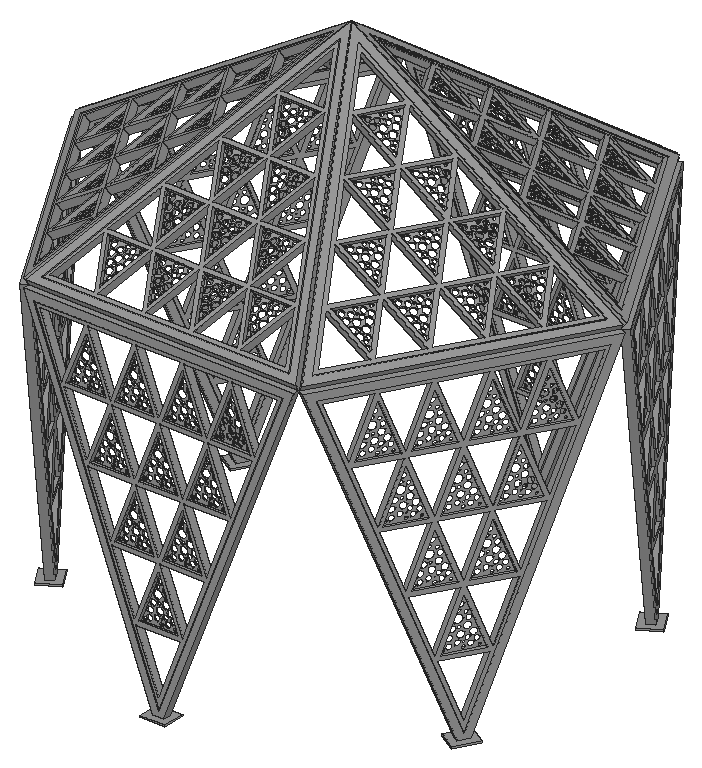
Revit family "Беседка «Трекант» Арт 19429", category Антураж, Revit 2018 (continued)
Definition of nested family "Беседка «Трекант» Арт 19429 крыша"
  Automatic sketch dimensions
    Extrusion 20 sketch curve to Extrusion 20 sketch curve = 22.797 mm  (x3)
    Extrusion 20 sketch curve to Extrusion 20 sketch curve = 270.249 mm  (x10)
    Extrusion 20 sketch curve to Extrusion 20 sketch curve = 15.964 mm  (x6)
    Extrusion 20 sketch curve to Extrusion 20 sketch curve = 27.363 mm  (x3)
    Extrusion 20 sketch curve to Extrusion 20 sketch curve = 22.91 mm  (x7)
    Extrusion 20 sketch curve to Extrusion 20 sketch curve = 27.419 mm  (x6)
    Extrusion 20 sketch curve to Extrusion 20 sketch curve = 151.202 mm
    Extrusion 20 sketch curve to Extrusion 20 sketch curve = 16.077 mm  (x4)
    Extrusion 20 sketch curve to Extrusion 20 sketch curve = 302.177 mm
    Extrusion 16 to Extrusion 20 sketch curve = 116.624 mm
    Extrusion 21 sketch curve to Extrusion 20 = 0 mm  (x4)
    Extrusion 20 to Extrusion 21 sketch curve = 0 mm
    Extrusion 21 sketch curve to Extrusion 21 sketch curve = 44.032 mm
    Extrusion 21 sketch curve to Extrusion 21 sketch curve = 35.379 mm
    Extrusion 21 sketch curve to Extrusion 21 sketch curve = 24.634 mm
    Extrusion 21 sketch curve to Extrusion 21 sketch curve = 34.912 mm
    Extrusion 21 sketch curve to Extrusion 21 sketch curve = 46.832 mm
    Extrusion 21 sketch curve to Extrusion 21 sketch curve = 4.368 mm
    Extrusion 21 sketch curve to Extrusion 21 sketch curve = 6.429 mm
    Extrusion 21 sketch curve to Extrusion 21 sketch curve = 42.916 mm
    Extrusion 21 sketch curve to Extrusion 21 sketch curve = 44.093 mm
    Extrusion 21 sketch curve to Extrusion 21 sketch curve = 53.882 mm
    Extrusion 21 sketch curve to Extrusion 21 sketch curve = 30.603 mm
    Extrusion 21 sketch curve to Extrusion 21 sketch curve = 42.956 mm
    Extrusion 21 sketch curve to Extrusion 21 sketch curve = 22.422 mm
    Extrusion 21 sketch curve to Extrusion 21 sketch curve = 0.638 mm
    Extrusion 20 to Extrusion 21 sketch curve = 33.762 mm
    Extrusion 20 to Extrusion 21 sketch curve = 32.899 mm
    Extrusion 20 to Extrusion 21 sketch curve = 17.608 mm
    Extrusion 20 to Extrusion 21 sketch curve = 16.371 mm
    Extrusion 20 to Extrusion 21 sketch curve = 14.4 mm
    Extrusion 21 sketch curve to Extrusion 21 sketch curve = 38.707 mm
    Extrusion 21 sketch curve to Extrusion 21 sketch curve = 14.155 mm
    Extrusion 21 sketch curve to Extrusion 21 sketch curve = 22.756 mm
    Extrusion 21 sketch curve to Extrusion 21 sketch curve = 35.947 mm
    Extrusion 21 sketch curve to Extrusion 21 sketch curve = 31.116 mm
    Extrusion 21 sketch curve to Extrusion 21 sketch curve = 18.342 mm
    Extrusion 21 sketch curve to Extrusion 21 sketch curve = 0.445 mm
    Extrusion 21 sketch curve to Extrusion 21 sketch curve = 21.489 mm
    Extrusion 21 sketch curve to Extrusion 21 sketch curve = 22.071 mm
    Extrusion 21 sketch curve to Extrusion 21 sketch curve = 1.495 mm
    Extrusion 21 sketch curve to Extrusion 21 sketch curve = 6.274 mm
    Extrusion 21 sketch curve to Extrusion 21 sketch curve = 39.24 mm
    Extrusion 21 sketch curve to Extrusion 21 sketch curve = 0.748 mm
    Extrusion 21 sketch curve to Extrusion 21 sketch curve = 9.583 mm
    Extrusion 21 sketch curve to Extrusion 21 sketch curve = 35.697 mm
    Extrusion 21 sketch curve to Extrusion 21 sketch curve = 35.938 mm
    Extrusion 21 sketch curve to Extrusion 21 sketch curve = 37.503 mm
    Extrusion 21 sketch curve to Extrusion 21 sketch curve = 12.456 mm
    Extrusion 21 sketch curve to Extrusion 21 sketch curve = 24.993 mm
    Extrusion 20 to Extrusion 22 sketch curve = 0 mm
    Extrusion 20 to Extrusion 22 sketch curve = 14.4 mm
    Extrusion 20 to Extrusion 22 sketch curve = 16.371 mm
    Extrusion 20 to Extrusion 22 sketch curve = 17.608 mm
    Extrusion 20 to Extrusion 22 sketch curve = 32.899 mm
    Extrusion 20 to Extrusion 22 sketch curve = 33.762 mm
    Extrusion 22 sketch curve to Extrusion 22 sketch curve = 31.299 mm
    Extrusion 22 sketch curve to Extrusion 22 sketch curve = 31.936 mm
    Extrusion 22 sketch curve to Extrusion 22 sketch curve = 25.851 mm
    Extrusion 22 sketch curve to Extrusion 22 sketch curve = 22.422 mm
    Extrusion 22 sketch curve to Extrusion 22 sketch curve = 31.9 mm
    Extrusion 22 sketch curve to Extrusion 22 sketch curve = 25.059 mm
    Extrusion 22 sketch curve to Extrusion 22 sketch curve = 30.603 mm
    Extrusion 22 sketch curve to Extrusion 22 sketch curve = 37.664 mm
    Extrusion 22 sketch curve to Extrusion 22 sketch curve = 6.429 mm
    Extrusion 22 sketch curve to Extrusion 22 sketch curve = 4.368 mm
    Extrusion 22 sketch curve to Extrusion 22 sketch curve = 40.922 mm
    Extrusion 22 sketch curve to Extrusion 22 sketch curve = 46.832 mm
    Extrusion 22 sketch curve to Extrusion 22 sketch curve = 24.634 mm
    Extrusion 22 sketch curve to Extrusion 22 sketch curve = 35.379 mm
    Extrusion 20 to Extrusion 22 sketch curve = 35.138 mm
    Extrusion 20 to Extrusion 22 sketch curve = 0.052 mm
    Extrusion 22 sketch curve to Extrusion 22 sketch curve = 38.707 mm
    Extrusion 22 sketch curve to Extrusion 22 sketch curve = 14.155 mm
    Extrusion 22 sketch curve to Extrusion 22 sketch curve = 22.756 mm
    Extrusion 22 sketch curve to Extrusion 22 sketch curve = 35.947 mm
    Extrusion 22 sketch curve to Extrusion 22 sketch curve = 31.116 mm
    Extrusion 22 sketch curve to Extrusion 22 sketch curve = 18.342 mm
    Extrusion 22 sketch curve to Extrusion 22 sketch curve = 0.445 mm
    Extrusion 22 sketch curve to Extrusion 22 sketch curve = 21.489 mm
    Extrusion 22 sketch curve to Extrusion 22 sketch curve = 22.071 mm
    Extrusion 22 sketch curve to Extrusion 22 sketch curve = 1.495 mm
    Extrusion 22 sketch curve to Extrusion 22 sketch curve = 5.876 mm
    Extrusion 22 sketch curve to Extrusion 22 sketch curve = 6.274 mm
    Extrusion 22 sketch curve to Extrusion 22 sketch curve = 39.24 mm
    Extrusion 22 sketch curve to Extrusion 22 sketch curve = 0.748 mm
    Extrusion 22 sketch curve to Extrusion 22 sketch curve = 9.583 mm
    Extrusion 22 sketch curve to Extrusion 22 sketch curve = 35.697 mm
    Extrusion 22 sketch curve to Extrusion 22 sketch curve = 35.938 mm
    Extrusion 22 sketch curve to Extrusion 22 sketch curve = 37.503 mm
    Extrusion 22 sketch curve to Extrusion 22 sketch curve = 12.456 mm
    Extrusion 22 sketch curve to Extrusion 22 sketch curve = 30.963 mm
    Extrusion 22 sketch curve to Extrusion 22 sketch curve = 24.993 mm
    Extrusion 20 to Extrusion 23 sketch curve = 0 mm
    Extrusion 20 to Extrusion 23 sketch curve = 14.4 mm
    Extrusion 20 to Extrusion 23 sketch curve = 16.371 mm
    Extrusion 20 to Extrusion 23 sketch curve = 17.608 mm
    Extrusion 20 to Extrusion 23 sketch curve = 32.899 mm
    Extrusion 20 to Extrusion 23 sketch curve = 33.762 mm
    Extrusion 23 sketch curve to Extrusion 23 sketch curve = 31.299 mm
    Extrusion 23 sketch curve to Extrusion 23 sketch curve = 31.936 mm
    Extrusion 23 sketch curve to Extrusion 23 sketch curve = 25.851 mm
    Extrusion 23 sketch curve to Extrusion 23 sketch curve = 22.422 mm
    Extrusion 23 sketch curve to Extrusion 23 sketch curve = 31.9 mm
    Extrusion 23 sketch curve to Extrusion 23 sketch curve = 25.059 mm
    Extrusion 23 sketch curve to Extrusion 23 sketch curve = 30.603 mm
    Extrusion 23 sketch curve to Extrusion 23 sketch curve = 37.664 mm
    Extrusion 23 sketch curve to Extrusion 23 sketch curve = 6.429 mm
    Extrusion 23 sketch curve to Extrusion 23 sketch curve = 4.368 mm
    Extrusion 23 sketch curve to Extrusion 23 sketch curve = 40.922 mm
    Extrusion 23 sketch curve to Extrusion 23 sketch curve = 46.832 mm
    Extrusion 23 sketch curve to Extrusion 23 sketch curve = 24.634 mm
    Extrusion 23 sketch curve to Extrusion 23 sketch curve = 35.379 mm
    Extrusion 20 to Extrusion 23 sketch curve = 35.138 mm
    Extrusion 23 sketch curve to Extrusion 20 = 0.052 mm
    Extrusion 23 sketch curve to Extrusion 23 sketch curve = 38.707 mm
    Extrusion 23 sketch curve to Extrusion 23 sketch curve = 14.155 mm
    Extrusion 23 sketch curve to Extrusion 23 sketch curve = 22.756 mm
    Extrusion 23 sketch curve to Extrusion 23 sketch curve = 35.947 mm
    Extrusion 23 sketch curve to Extrusion 23 sketch curve = 31.116 mm
    Extrusion 23 sketch curve to Extrusion 23 sketch curve = 18.342 mm
    Extrusion 23 sketch curve to Extrusion 23 sketch curve = 0.445 mm
    Extrusion 23 sketch curve to Extrusion 23 sketch curve = 21.489 mm
    Extrusion 23 sketch curve to Extrusion 23 sketch curve = 22.071 mm
    Extrusion 23 sketch curve to Extrusion 23 sketch curve = 1.495 mm
    Extrusion 23 sketch curve to Extrusion 23 sketch curve = 5.876 mm
    Extrusion 23 sketch curve to Extrusion 23 sketch curve = 6.274 mm
    Extrusion 23 sketch curve to Extrusion 23 sketch curve = 39.24 mm
    Extrusion 23 sketch curve to Extrusion 23 sketch curve = 0.748 mm
    Extrusion 23 sketch curve to Extrusion 23 sketch curve = 9.583 mm
    Extrusion 23 sketch curve to Extrusion 23 sketch curve = 35.697 mm
    Extrusion 23 sketch curve to Extrusion 23 sketch curve = 35.938 mm
    Extrusion 23 sketch curve to Extrusion 23 sketch curve = 37.503 mm
    Extrusion 23 sketch curve to Extrusion 23 sketch curve = 12.456 mm
    Extrusion 23 sketch curve to Extrusion 23 sketch curve = 30.963 mm
    Extrusion 23 sketch curve to Extrusion 23 sketch curve = 24.993 mm
    Extrusion 20 to Extrusion 24 sketch curve = 0 mm
    Extrusion 20 to Extrusion 24 sketch curve = 14.4 mm
    Extrusion 20 to Extrusion 24 sketch curve = 16.371 mm
    Extrusion 20 to Extrusion 24 sketch curve = 17.608 mm
    Extrusion 20 to Extrusion 24 sketch curve = 32.899 mm
    Extrusion 20 to Extrusion 24 sketch curve = 33.762 mm
    Extrusion 24 sketch curve to Extrusion 24 sketch curve = 31.299 mm
    Extrusion 24 sketch curve to Extrusion 24 sketch curve = 31.936 mm
    Extrusion 24 sketch curve to Extrusion 24 sketch curve = 25.851 mm
    Extrusion 24 sketch curve to Extrusion 24 sketch curve = 22.422 mm
    Extrusion 24 sketch curve to Extrusion 24 sketch curve = 31.9 mm
    Extrusion 24 sketch curve to Extrusion 24 sketch curve = 25.059 mm
    Extrusion 24 sketch curve to Extrusion 24 sketch curve = 30.603 mm
    Extrusion 24 sketch curve to Extrusion 24 sketch curve = 37.664 mm
    Extrusion 24 sketch curve to Extrusion 24 sketch curve = 6.429 mm
    Extrusion 24 sketch curve to Extrusion 24 sketch curve = 4.368 mm
    Extrusion 24 sketch curve to Extrusion 24 sketch curve = 40.922 mm
    Extrusion 24 sketch curve to Extrusion 24 sketch curve = 46.832 mm
    Extrusion 24 sketch curve to Extrusion 24 sketch curve = 24.634 mm
    Extrusion 24 sketch curve to Extrusion 24 sketch curve = 35.379 mm
    Extrusion 20 to Extrusion 24 sketch curve = 35.138 mm
    Extrusion 20 to Extrusion 24 sketch curve = 0.052 mm
    Extrusion 24 sketch curve to Extrusion 24 sketch curve = 38.707 mm
    Extrusion 24 sketch curve to Extrusion 24 sketch curve = 14.155 mm
    Extrusion 24 sketch curve to Extrusion 24 sketch curve = 22.756 mm
    Extrusion 24 sketch curve to Extrusion 24 sketch curve = 35.947 mm
    Extrusion 24 sketch curve to Extrusion 24 sketch curve = 31.116 mm
    Extrusion 24 sketch curve to Extrusion 24 sketch curve = 18.342 mm
    Extrusion 24 sketch curve to Extrusion 24 sketch curve = 0.445 mm
    Extrusion 24 sketch curve to Extrusion 24 sketch curve = 21.489 mm
    Extrusion 24 sketch curve to Extrusion 24 sketch curve = 22.071 mm
    Extrusion 24 sketch curve to Extrusion 24 sketch curve = 1.495 mm
    Extrusion 24 sketch curve to Extrusion 24 sketch curve = 5.876 mm
    Extrusion 24 sketch curve to Extrusion 24 sketch curve = 6.274 mm
    Extrusion 24 sketch curve to Extrusion 24 sketch curve = 39.24 mm
    Extrusion 24 sketch curve to Extrusion 24 sketch curve = 0.748 mm
    Extrusion 24 sketch curve to Extrusion 24 sketch curve = 9.583 mm
    Extrusion 24 sketch curve to Extrusion 24 sketch curve = 35.697 mm
    Extrusion 24 sketch curve to Extrusion 24 sketch curve = 35.938 mm
    Extrusion 24 sketch curve to Extrusion 24 sketch curve = 37.503 mm
    Extrusion 24 sketch curve to Extrusion 24 sketch curve = 12.456 mm
    Extrusion 24 sketch curve to Extrusion 24 sketch curve = 30.963 mm
    Extrusion 24 sketch curve to Extrusion 24 sketch curve = 24.993 mm
    Extrusion 20 to Extrusion 25 sketch curve = 0 mm
    Extrusion 20 to Extrusion 25 sketch curve = 14.4 mm
    Extrusion 20 to Extrusion 25 sketch curve = 16.371 mm
    Extrusion 20 to Extrusion 25 sketch curve = 17.608 mm
    Extrusion 20 to Extrusion 25 sketch curve = 32.899 mm
    Extrusion 20 to Extrusion 25 sketch curve = 33.762 mm
    Extrusion 25 sketch curve to Extrusion 25 sketch curve = 31.299 mm
    Extrusion 25 sketch curve to Extrusion 25 sketch curve = 31.936 mm
    Extrusion 25 sketch curve to Extrusion 25 sketch curve = 25.851 mm
    Extrusion 25 sketch curve to Extrusion 25 sketch curve = 22.422 mm
    Extrusion 25 sketch curve to Extrusion 25 sketch curve = 31.9 mm
    Extrusion 25 sketch curve to Extrusion 25 sketch curve = 25.059 mm
    Extrusion 25 sketch curve to Extrusion 25 sketch curve = 30.603 mm
    Extrusion 25 sketch curve to Extrusion 25 sketch curve = 37.664 mm
    Extrusion 25 sketch curve to Extrusion 25 sketch curve = 6.429 mm
    Extrusion 25 sketch curve to Extrusion 25 sketch curve = 4.368 mm
    Extrusion 25 sketch curve to Extrusion 25 sketch curve = 40.922 mm
    Extrusion 25 sketch curve to Extrusion 25 sketch curve = 46.832 mm
    Extrusion 25 sketch curve to Extrusion 25 sketch curve = 24.634 mm
    Extrusion 25 sketch curve to Extrusion 25 sketch curve = 35.379 mm
    Extrusion 20 to Extrusion 25 sketch curve = 35.138 mm
    Extrusion 25 sketch curve to Extrusion 20 = 0.052 mm
    Extrusion 25 sketch curve to Extrusion 25 sketch curve = 38.707 mm
    Extrusion 25 sketch curve to Extrusion 25 sketch curve = 14.155 mm
    Extrusion 25 sketch curve to Extrusion 25 sketch curve = 22.756 mm
    Extrusion 25 sketch curve to Extrusion 25 sketch curve = 35.947 mm
    Extrusion 25 sketch curve to Extrusion 25 sketch curve = 31.116 mm
    Extrusion 25 sketch curve to Extrusion 25 sketch curve = 18.342 mm
    Extrusion 25 sketch curve to Extrusion 25 sketch curve = 0.445 mm
    Extrusion 25 sketch curve to Extrusion 25 sketch curve = 21.489 mm
    Extrusion 25 sketch curve to Extrusion 25 sketch curve = 22.071 mm
    Extrusion 25 sketch curve to Extrusion 25 sketch curve = 1.495 mm
    Extrusion 25 sketch curve to Extrusion 25 sketch curve = 5.876 mm
    Extrusion 25 sketch curve to Extrusion 25 sketch curve = 6.274 mm
    Extrusion 25 sketch curve to Extrusion 25 sketch curve = 39.24 mm
    Extrusion 25 sketch curve to Extrusion 25 sketch curve = 0.748 mm
    Extrusion 25 sketch curve to Extrusion 25 sketch curve = 9.583 mm
    Extrusion 25 sketch curve to Extrusion 25 sketch curve = 35.697 mm
    Extrusion 25 sketch curve to Extrusion 25 sketch curve = 35.938 mm
    Extrusion 25 sketch curve to Extrusion 25 sketch curve = 37.503 mm
    Extrusion 25 sketch curve to Extrusion 25 sketch curve = 12.456 mm
    Extrusion 25 sketch curve to Extrusion 25 sketch curve = 30.963 mm
    Extrusion 25 sketch curve to Extrusion 25 sketch curve = 24.993 mm
    Extrusion 20 to Extrusion 26 sketch curve = 0 mm
    Extrusion 20 to Extrusion 26 sketch curve = 14.4 mm
    Extrusion 20 to Extrusion 26 sketch curve = 16.371 mm
    Extrusion 20 to Extrusion 26 sketch curve = 17.608 mm
    Extrusion 20 to Extrusion 26 sketch curve = 32.899 mm
    Extrusion 20 to Extrusion 26 sketch curve = 33.762 mm
    Extrusion 26 sketch curve to Extrusion 26 sketch curve = 31.299 mm
    Extrusion 26 sketch curve to Extrusion 26 sketch curve = 31.936 mm
    Extrusion 26 sketch curve to Extrusion 26 sketch curve = 25.851 mm
    Extrusion 26 sketch curve to Extrusion 26 sketch curve = 22.422 mm
    Extrusion 26 sketch curve to Extrusion 26 sketch curve = 31.9 mm
    Extrusion 26 sketch curve to Extrusion 26 sketch curve = 25.059 mm
    Extrusion 26 sketch curve to Extrusion 26 sketch curve = 30.603 mm
    Extrusion 26 sketch curve to Extrusion 26 sketch curve = 37.664 mm
    Extrusion 26 sketch curve to Extrusion 26 sketch curve = 6.429 mm
    Extrusion 26 sketch curve to Extrusion 26 sketch curve = 4.368 mm
    Extrusion 26 sketch curve to Extrusion 26 sketch curve = 40.922 mm
    Extrusion 26 sketch curve to Extrusion 26 sketch curve = 46.832 mm
    Extrusion 26 sketch curve to Extrusion 26 sketch curve = 24.634 mm
    Extrusion 26 sketch curve to Extrusion 26 sketch curve = 35.379 mm
    Extrusion 20 to Extrusion 26 sketch curve = 35.138 mm
    Extrusion 20 to Extrusion 26 sketch curve = 0.052 mm
    Extrusion 26 sketch curve to Extrusion 26 sketch curve = 38.707 mm
    Extrusion 26 sketch curve to Extrusion 26 sketch curve = 14.155 mm
    Extrusion 26 sketch curve to Extrusion 26 sketch curve = 22.756 mm
    Extrusion 26 sketch curve to Extrusion 26 sketch curve = 35.947 mm
    Extrusion 26 sketch curve to Extrusion 26 sketch curve = 31.116 mm
    Extrusion 26 sketch curve to Extrusion 26 sketch curve = 18.342 mm
    Extrusion 26 sketch curve to Extrusion 26 sketch curve = 0.445 mm
    Extrusion 26 sketch curve to Extrusion 26 sketch curve = 21.489 mm
    Extrusion 26 sketch curve to Extrusion 26 sketch curve = 22.071 mm
    Extrusion 26 sketch curve to Extrusion 26 sketch curve = 1.495 mm
    Extrusion 26 sketch curve to Extrusion 26 sketch curve = 5.876 mm
    Extrusion 26 sketch curve to Extrusion 26 sketch curve = 6.274 mm
    Extrusion 26 sketch curve to Extrusion 26 sketch curve = 39.24 mm
    Extrusion 26 sketch curve to Extrusion 26 sketch curve = 0.748 mm
    Extrusion 26 sketch curve to Extrusion 26 sketch curve = 9.583 mm
    Extrusion 26 sketch curve to Extrusion 26 sketch curve = 35.697 mm
    Extrusion 26 sketch curve to Extrusion 26 sketch curve = 35.938 mm
    Extrusion 26 sketch curve to Extrusion 26 sketch curve = 37.503 mm
    Extrusion 26 sketch curve to Extrusion 26 sketch curve = 12.456 mm
    Extrusion 26 sketch curve to Extrusion 26 sketch curve = 30.963 mm
    Extrusion 26 sketch curve to Extrusion 26 sketch curve = 24.993 mm
    Extrusion 20 to Extrusion 27 sketch curve = 0 mm
    Extrusion 20 to Extrusion 27 sketch curve = 14.4 mm
    Extrusion 20 to Extrusion 27 sketch curve = 16.371 mm
    Extrusion 20 to Extrusion 27 sketch curve = 17.608 mm
    Extrusion 20 to Extrusion 27 sketch curve = 32.899 mm
    Extrusion 20 to Extrusion 27 sketch curve = 33.762 mm
    Extrusion 27 sketch curve to Extrusion 27 sketch curve = 31.299 mm
    Extrusion 27 sketch curve to Extrusion 27 sketch curve = 31.936 mm
    Extrusion 27 sketch curve to Extrusion 27 sketch curve = 25.851 mm
    Extrusion 27 sketch curve to Extrusion 27 sketch curve = 22.422 mm
    Extrusion 27 sketch curve to Extrusion 27 sketch curve = 31.9 mm
    Extrusion 27 sketch curve to Extrusion 27 sketch curve = 25.059 mm
    Extrusion 27 sketch curve to Extrusion 27 sketch curve = 30.603 mm
    Extrusion 27 sketch curve to Extrusion 27 sketch curve = 37.664 mm
    Extrusion 27 sketch curve to Extrusion 27 sketch curve = 6.429 mm
    Extrusion 27 sketch curve to Extrusion 27 sketch curve = 4.368 mm
    Extrusion 27 sketch curve to Extrusion 27 sketch curve = 40.922 mm
    Extrusion 27 sketch curve to Extrusion 27 sketch curve = 46.832 mm
    Extrusion 27 sketch curve to Extrusion 27 sketch curve = 24.634 mm
    Extrusion 27 sketch curve to Extrusion 27 sketch curve = 35.379 mm
    Extrusion 20 to Extrusion 27 sketch curve = 35.138 mm
    Extrusion 27 sketch curve to Extrusion 20 = 0.052 mm
    Extrusion 27 sketch curve to Extrusion 27 sketch curve = 38.707 mm
    Extrusion 27 sketch curve to Extrusion 27 sketch curve = 14.155 mm
    Extrusion 27 sketch curve to Extrusion 27 sketch curve = 22.756 mm
    Extrusion 27 sketch curve to Extrusion 27 sketch curve = 35.947 mm
    Extrusion 27 sketch curve to Extrusion 27 sketch curve = 31.116 mm
    Extrusion 27 sketch curve to Extrusion 27 sketch curve = 18.342 mm
    Extrusion 27 sketch curve to Extrusion 27 sketch curve = 0.445 mm
    Extrusion 27 sketch curve to Extrusion 27 sketch curve = 21.489 mm
    Extrusion 27 sketch curve to Extrusion 27 sketch curve = 22.071 mm
    Extrusion 27 sketch curve to Extrusion 27 sketch curve = 1.495 mm
    Extrusion 27 sketch curve to Extrusion 27 sketch curve = 5.876 mm
    Extrusion 27 sketch curve to Extrusion 27 sketch curve = 6.274 mm
    Extrusion 27 sketch curve to Extrusion 27 sketch curve = 39.24 mm
    Extrusion 27 sketch curve to Extrusion 27 sketch curve = 0.748 mm
    Extrusion 27 sketch curve to Extrusion 27 sketch curve = 9.583 mm
    Extrusion 27 sketch curve to Extrusion 27 sketch curve = 35.697 mm
    Extrusion 27 sketch curve to Extrusion 27 sketch curve = 35.938 mm
    Extrusion 27 sketch curve to Extrusion 27 sketch curve = 37.503 mm
    Extrusion 27 sketch curve to Extrusion 27 sketch curve = 12.456 mm
    Extrusion 27 sketch curve to Extrusion 27 sketch curve = 30.963 mm
    Extrusion 27 sketch curve to Extrusion 27 sketch curve = 24.993 mm
    Extrusion 20 to Extrusion 28 sketch curve = 0 mm
    Extrusion 20 to Extrusion 28 sketch curve = 14.4 mm
    Extrusion 20 to Extrusion 28 sketch curve = 16.371 mm
    Extrusion 20 to Extrusion 28 sketch curve = 17.608 mm
    Extrusion 20 to Extrusion 28 sketch curve = 32.899 mm
    Extrusion 20 to Extrusion 28 sketch curve = 33.762 mm
    Extrusion 28 sketch curve to Extrusion 28 sketch curve = 31.299 mm
    Extrusion 28 sketch curve to Extrusion 28 sketch curve = 31.936 mm
    Extrusion 28 sketch curve to Extrusion 28 sketch curve = 25.851 mm
    Extrusion 28 sketch curve to Extrusion 28 sketch curve = 22.422 mm
    Extrusion 28 sketch curve to Extrusion 28 sketch curve = 31.9 mm
    Extrusion 28 sketch curve to Extrusion 28 sketch curve = 25.059 mm
    Extrusion 28 sketch curve to Extrusion 28 sketch curve = 30.603 mm
    Extrusion 28 sketch curve to Extrusion 28 sketch curve = 37.664 mm
    Extrusion 28 sketch curve to Extrusion 28 sketch curve = 6.429 mm
    Extrusion 28 sketch curve to Extrusion 28 sketch curve = 4.368 mm
    Extrusion 28 sketch curve to Extrusion 28 sketch curve = 40.922 mm
    Extrusion 28 sketch curve to Extrusion 28 sketch curve = 46.832 mm
    Extrusion 28 sketch curve to Extrusion 28 sketch curve = 24.634 mm
    Extrusion 28 sketch curve to Extrusion 28 sketch curve = 35.379 mm
    Extrusion 20 to Extrusion 28 sketch curve = 35.138 mm
    Extrusion 28 sketch curve to Extrusion 20 = 0.052 mm
    Extrusion 28 sketch curve to Extrusion 28 sketch curve = 38.707 mm
    Extrusion 28 sketch curve to Extrusion 28 sketch curve = 14.155 mm
    Extrusion 28 sketch curve to Extrusion 28 sketch curve = 22.756 mm
    Extrusion 28 sketch curve to Extrusion 28 sketch curve = 35.947 mm
    Extrusion 28 sketch curve to Extrusion 28 sketch curve = 31.116 mm
    Extrusion 28 sketch curve to Extrusion 28 sketch curve = 18.342 mm
    Extrusion 28 sketch curve to Extrusion 28 sketch curve = 0.445 mm
    Extrusion 28 sketch curve to Extrusion 28 sketch curve = 21.489 mm
    Extrusion 28 sketch curve to Extrusion 28 sketch curve = 22.071 mm
    Extrusion 28 sketch curve to Extrusion 28 sketch curve = 1.495 mm
    Extrusion 28 sketch curve to Extrusion 28 sketch curve = 5.876 mm
    Extrusion 28 sketch curve to Extrusion 28 sketch curve = 6.274 mm
    Extrusion 28 sketch curve to Extrusion 28 sketch curve = 39.24 mm
    Extrusion 28 sketch curve to Extrusion 28 sketch curve = 0.748 mm
    Extrusion 28 sketch curve to Extrusion 28 sketch curve = 9.583 mm
    Extrusion 28 sketch curve to Extrusion 28 sketch curve = 35.697 mm
    Extrusion 28 sketch curve to Extrusion 28 sketch curve = 35.938 mm
    Extrusion 28 sketch curve to Extrusion 28 sketch curve = 37.503 mm
    Extrusion 28 sketch curve to Extrusion 28 sketch curve = 12.456 mm
    Extrusion 28 sketch curve to Extrusion 28 sketch curve = 30.963 mm
    Extrusion 28 sketch curve to Extrusion 28 sketch curve = 24.993 mm
    Extrusion 20 to Extrusion 29 sketch curve = 0 mm
    Extrusion 20 to Extrusion 29 sketch curve = 14.4 mm
    Extrusion 20 to Extrusion 29 sketch curve = 16.371 mm
    Extrusion 20 to Extrusion 29 sketch curve = 17.608 mm
    Extrusion 20 to Extrusion 29 sketch curve = 32.899 mm
    Extrusion 20 to Extrusion 29 sketch curve = 33.762 mm
    Extrusion 29 sketch curve to Extrusion 29 sketch curve = 31.299 mm
    Extrusion 29 sketch curve to Extrusion 29 sketch curve = 31.936 mm
    Extrusion 29 sketch curve to Extrusion 29 sketch curve = 25.851 mm
    Extrusion 29 sketch curve to Extrusion 29 sketch curve = 22.422 mm
    Extrusion 29 sketch curve to Extrusion 29 sketch curve = 31.9 mm
    Extrusion 29 sketch curve to Extrusion 29 sketch curve = 25.059 mm
    Extrusion 29 sketch curve to Extrusion 29 sketch curve = 30.603 mm
    Extrusion 29 sketch curve to Extrusion 29 sketch curve = 37.664 mm
    Extrusion 29 sketch curve to Extrusion 29 sketch curve = 6.429 mm
    Extrusion 29 sketch curve to Extrusion 29 sketch curve = 4.368 mm
    Extrusion 29 sketch curve to Extrusion 29 sketch curve = 40.922 mm
    Extrusion 29 sketch curve to Extrusion 29 sketch curve = 46.832 mm
    Extrusion 29 sketch curve to Extrusion 29 sketch curve = 24.634 mm
    Extrusion 29 sketch curve to Extrusion 29 sketch curve = 35.379 mm
    Extrusion 20 to Extrusion 29 sketch curve = 35.138 mm
    Extrusion 29 sketch curve to Extrusion 20 = 0.155 mm
    Extrusion 29 sketch curve to Extrusion 29 sketch curve = 38.707 mm
    Extrusion 29 sketch curve to Extrusion 29 sketch curve = 14.155 mm
    Extrusion 29 sketch curve to Extrusion 29 sketch curve = 22.756 mm
    Extrusion 29 sketch curve to Extrusion 29 sketch curve = 35.947 mm
    Extrusion 29 sketch curve to Extrusion 29 sketch curve = 31.116 mm
    Extrusion 29 sketch curve to Extrusion 29 sketch curve = 18.342 mm
    Extrusion 29 sketch curve to Extrusion 29 sketch curve = 0.445 mm
    Extrusion 29 sketch curve to Extrusion 29 sketch curve = 21.489 mm
    Extrusion 29 sketch curve to Extrusion 29 sketch curve = 22.071 mm
    Extrusion 29 sketch curve to Extrusion 29 sketch curve = 1.495 mm
    Extrusion 29 sketch curve to Extrusion 29 sketch curve = 5.876 mm
    Extrusion 29 sketch curve to Extrusion 29 sketch curve = 6.274 mm
    Extrusion 29 sketch curve to Extrusion 29 sketch curve = 39.24 mm
    Extrusion 29 sketch curve to Extrusion 29 sketch curve = 0.748 mm
    Extrusion 29 sketch curve to Extrusion 29 sketch curve = 9.583 mm
    Extrusion 29 sketch curve to Extrusion 29 sketch curve = 35.697 mm
    Extrusion 29 sketch curve to Extrusion 29 sketch curve = 35.938 mm
    Extrusion 29 sketch curve to Extrusion 29 sketch curve = 37.503 mm
    Extrusion 29 sketch curve to Extrusion 29 sketch curve = 12.456 mm
    Extrusion 29 sketch curve to Extrusion 29 sketch curve = 30.963 mm
    Extrusion 29 sketch curve to Extrusion 29 sketch curve = 24.993 mm
    Extrusion 20 to Extrusion 30 sketch curve = 0 mm
    Extrusion 20 to Extrusion 30 sketch curve = 14.4 mm
    Extrusion 20 to Extrusion 30 sketch curve = 16.371 mm
    Extrusion 20 to Extrusion 30 sketch curve = 17.608 mm
    Extrusion 20 to Extrusion 30 sketch curve = 32.899 mm
    Extrusion 20 to Extrusion 30 sketch curve = 33.762 mm
    Extrusion 30 sketch curve to Extrusion 30 sketch curve = 31.299 mm
    Extrusion 30 sketch curve to Extrusion 30 sketch curve = 31.936 mm
    Extrusion 30 sketch curve to Extrusion 30 sketch curve = 25.851 mm
    Extrusion 30 sketch curve to Extrusion 30 sketch curve = 22.422 mm
    Extrusion 30 sketch curve to Extrusion 30 sketch curve = 31.9 mm
    Extrusion 30 sketch curve to Extrusion 30 sketch curve = 25.059 mm
    Extrusion 30 sketch curve to Extrusion 30 sketch curve = 30.603 mm
    Extrusion 30 sketch curve to Extrusion 30 sketch curve = 37.664 mm
    Extrusion 30 sketch curve to Extrusion 30 sketch curve = 6.429 mm
    Extrusion 30 sketch curve to Extrusion 30 sketch curve = 4.368 mm
    Extrusion 30 sketch curve to Extrusion 30 sketch curve = 40.922 mm
    Extrusion 30 sketch curve to Extrusion 30 sketch curve = 46.832 mm
    Extrusion 30 sketch curve to Extrusion 30 sketch curve = 24.634 mm
    Extrusion 30 sketch curve to Extrusion 30 sketch curve = 35.379 mm
    Extrusion 20 to Extrusion 30 sketch curve = 35.138 mm
    Extrusion 30 sketch curve to Extrusion 20 = 0.052 mm
    Extrusion 30 sketch curve to Extrusion 30 sketch curve = 38.707 mm
    Extrusion 30 sketch curve to Extrusion 30 sketch curve = 14.155 mm
    Extrusion 30 sketch curve to Extrusion 30 sketch curve = 22.756 mm
    Extrusion 30 sketch curve to Extrusion 30 sketch curve = 35.947 mm
    Extrusion 30 sketch curve to Extrusion 30 sketch curve = 31.116 mm
    Extrusion 30 sketch curve to Extrusion 30 sketch curve = 18.342 mm
    Extrusion 30 sketch curve to Extrusion 30 sketch curve = 0.445 mm
    Extrusion 30 sketch curve to Extrusion 30 sketch curve = 21.489 mm
    Extrusion 30 sketch curve to Extrusion 30 sketch curve = 22.071 mm
    Extrusion 30 sketch curve to Extrusion 30 sketch curve = 1.495 mm
    Extrusion 30 sketch curve to Extrusion 30 sketch curve = 5.876 mm
    Extrusion 30 sketch curve to Extrusion 30 sketch curve = 6.274 mm
    Extrusion 30 sketch curve to Extrusion 30 sketch curve = 39.24 mm
    Extrusion 30 sketch curve to Extrusion 30 sketch curve = 0.748 mm
    Extrusion 30 sketch curve to Extrusion 30 sketch curve = 9.583 mm
    Extrusion 30 sketch curve to Extrusion 30 sketch curve = 35.697 mm
    Extrusion 30 sketch curve to Extrusion 30 sketch curve = 35.938 mm
    Extrusion 30 sketch curve to Extrusion 30 sketch curve = 37.503 mm
    Extrusion 30 sketch curve to Extrusion 30 sketch curve = 12.456 mm
    Extrusion 30 sketch curve to Extrusion 30 sketch curve = 30.963 mm
    Extrusion 30 sketch curve to Extrusion 30 sketch curve = 24.993 mm
    Extrusion 16 sketch curve to Extrusion 16 sketch curve = 30.084 mm
    Extrusion 16 sketch curve to Extrusion 16 sketch curve = 1620.083 mm
    Extrusion 16 sketch curve to Extrusion 16 sketch curve = 29.688 mm
    Extrusion 16 sketch curve to Extrusion 16 sketch curve = 39.94 mm
    Extrusion 1 sketch curve to plane 6 = 0 mm
    Extrusion 1 sketch curve to plane 7 "12" = 0 mm
    radius of Extrusion 6 sketch curve = 15 mm  (x4)
    radius of Extrusion 6 sketch curve = 25 mm  (x4)
    radius of Extrusion 6 sketch curve = 21.813 mm
    radius of Extrusion 6 sketch curve = 12.691 mm
    radius of Extrusion 6 sketch curve = 22.784 mm
    radius of Extrusion 6 sketch curve = 12.596 mm
    radius of Extrusion 6 sketch curve = 20 mm  (x4)
    radius of Extrusion 6 sketch curve = 17.591 mm
    radius of Extrusion 6 sketch curve = 12.84 mm
    radius of Extrusion 6 sketch curve = 8.413 mm
    radius of Extrusion 7 sketch curve = 15 mm  (x4)
    radius of Extrusion 7 sketch curve = 25 mm  (x4)
    radius of Extrusion 7 sketch curve = 21.813 mm
    radius of Extrusion 7 sketch curve = 12.691 mm
    radius of Extrusion 7 sketch curve = 22.784 mm
    radius of Extrusion 7 sketch curve = 12.596 mm
    radius of Extrusion 7 sketch curve = 20 mm  (x4)
    radius of Extrusion 7 sketch curve = 17.591 mm
    radius of Extrusion 7 sketch curve = 12.84 mm
    radius of Extrusion 7 sketch curve = 8.413 mm
    radius of Extrusion 8 sketch curve = 15 mm  (x4)
    radius of Extrusion 8 sketch curve = 25 mm  (x4)
    radius of Extrusion 8 sketch curve = 21.813 mm
    radius of Extrusion 8 sketch curve = 12.691 mm
    radius of Extrusion 8 sketch curve = 22.784 mm
    radius of Extrusion 8 sketch curve = 12.596 mm
    radius of Extrusion 8 sketch curve = 20 mm  (x4)
    radius of Extrusion 8 sketch curve = 17.591 mm
    radius of Extrusion 8 sketch curve = 12.84 mm
    radius of Extrusion 8 sketch curve = 8.413 mm
    radius of Extrusion 9 sketch curve = 15 mm  (x4)
    radius of Extrusion 9 sketch curve = 25 mm  (x4)
    radius of Extrusion 9 sketch curve = 21.813 mm
    radius of Extrusion 9 sketch curve = 12.691 mm
    radius of Extrusion 9 sketch curve = 22.784 mm
    radius of Extrusion 9 sketch curve = 12.596 mm
    radius of Extrusion 9 sketch curve = 20 mm  (x4)
    radius of Extrusion 9 sketch curve = 17.591 mm
    radius of Extrusion 9 sketch curve = 12.84 mm
    radius of Extrusion 9 sketch curve = 8.413 mm
    radius of Extrusion 10 sketch curve = 15 mm  (x4)
    radius of Extrusion 10 sketch curve = 25 mm  (x4)
    radius of Extrusion 10 sketch curve = 21.813 mm
    radius of Extrusion 10 sketch curve = 12.691 mm
    radius of Extrusion 10 sketch curve = 22.784 mm
    radius of Extrusion 10 sketch curve = 12.596 mm
    radius of Extrusion 10 sketch curve = 20 mm  (x4)
    radius of Extrusion 10 sketch curve = 17.591 mm
    radius of Extrusion 10 sketch curve = 12.84 mm
    radius of Extrusion 10 sketch curve = 8.413 mm
    radius of Extrusion 11 sketch curve = 15 mm  (x4)
    radius of Extrusion 11 sketch curve = 25 mm  (x4)
    radius of Extrusion 11 sketch curve = 21.813 mm
    radius of Extrusion 11 sketch curve = 12.691 mm
    radius of Extrusion 11 sketch curve = 22.784 mm
    radius of Extrusion 11 sketch curve = 12.596 mm
    radius of Extrusion 11 sketch curve = 20 mm  (x4)
    radius of Extrusion 11 sketch curve = 17.591 mm
    radius of Extrusion 11 sketch curve = 12.84 mm
    radius of Extrusion 11 sketch curve = 8.413 mm
    radius of Extrusion 12 sketch curve = 15 mm  (x4)
    radius of Extrusion 12 sketch curve = 25 mm  (x4)
    radius of Extrusion 12 sketch curve = 21.813 mm
    radius of Extrusion 12 sketch curve = 12.691 mm
    radius of Extrusion 12 sketch curve = 22.784 mm
    radius of Extrusion 12 sketch curve = 12.596 mm
    radius of Extrusion 12 sketch curve = 20 mm  (x4)
    radius of Extrusion 12 sketch curve = 17.591 mm
    radius of Extrusion 12 sketch curve = 12.84 mm
    radius of Extrusion 12 sketch curve = 8.413 mm
    radius of Extrusion 13 sketch curve = 15 mm  (x4)
    radius of Extrusion 13 sketch curve = 25 mm  (x4)
    radius of Extrusion 13 sketch curve = 21.813 mm
    radius of Extrusion 13 sketch curve = 12.691 mm
    radius of Extrusion 13 sketch curve = 22.784 mm
    radius of Extrusion 13 sketch curve = 12.596 mm
    radius of Extrusion 13 sketch curve = 20 mm  (x4)
    radius of Extrusion 13 sketch curve = 17.591 mm
    radius of Extrusion 13 sketch curve = 12.84 mm
    radius of Extrusion 13 sketch curve = 8.413 mm
    radius of Extrusion 14 sketch curve = 15 mm  (x4)
    radius of Extrusion 14 sketch curve = 25 mm  (x4)
    radius of Extrusion 14 sketch curve = 21.813 mm
    radius of Extrusion 14 sketch curve = 12.691 mm
    radius of Extrusion 14 sketch curve = 22.784 mm
    radius of Extrusion 14 sketch curve = 12.596 mm
    radius of Extrusion 14 sketch curve = 20 mm  (x4)
    radius of Extrusion 14 sketch curve = 17.591 mm
    radius of Extrusion 14 sketch curve = 12.84 mm
    radius of Extrusion 14 sketch curve = 8.413 mm
    radius of Extrusion 15 sketch curve = 15 mm  (x4)
    radius of Extrusion 15 sketch curve = 25 mm  (x4)
    radius of Extrusion 15 sketch curve = 21.813 mm
    radius of Extrusion 15 sketch curve = 12.691 mm
    radius of Extrusion 15 sketch curve = 22.784 mm
    radius of Extrusion 15 sketch curve = 12.596 mm
    radius of Extrusion 15 sketch curve = 20 mm  (x4)
    radius of Extrusion 15 sketch curve = 17.591 mm
    radius of Extrusion 15 sketch curve = 12.84 mm
    radius of Extrusion 15 sketch curve = 8.413 mm
    radius of Extrusion 21 sketch curve = 15 mm  (x4)
    radius of Extrusion 21 sketch curve = 25 mm  (x4)
    radius of Extrusion 21 sketch curve = 21.813 mm
    radius of Extrusion 21 sketch curve = 12.691 mm
    radius of Extrusion 21 sketch curve = 22.784 mm
    radius of Extrusion 21 sketch curve = 12.596 mm
    radius of Extrusion 21 sketch curve = 20 mm  (x4)
    radius of Extrusion 21 sketch curve = 17.591 mm
    radius of Extrusion 21 sketch curve = 12.84 mm
    radius of Extrusion 21 sketch curve = 8.413 mm
    radius of Extrusion 22 sketch curve = 15 mm  (x4)
    radius of Extrusion 22 sketch curve = 25 mm  (x4)
    radius of Extrusion 22 sketch curve = 21.813 mm
    radius of Extrusion 22 sketch curve = 12.691 mm
    radius of Extrusion 22 sketch curve = 22.784 mm
    radius of Extrusion 22 sketch curve = 12.596 mm
    radius of Extrusion 22 sketch curve = 20 mm  (x4)
    radius of Extrusion 22 sketch curve = 17.591 mm
    radius of Extrusion 22 sketch curve = 12.84 mm
    radius of Extrusion 22 sketch curve = 8.413 mm
    radius of Extrusion 23 sketch curve = 15 mm  (x4)
    radius of Extrusion 23 sketch curve = 25 mm  (x4)
    radius of Extrusion 23 sketch curve = 21.813 mm
    radius of Extrusion 23 sketch curve = 12.691 mm
    radius of Extrusion 23 sketch curve = 22.784 mm
    radius of Extrusion 23 sketch curve = 12.596 mm
    radius of Extrusion 23 sketch curve = 20 mm  (x4)
    radius of Extrusion 23 sketch curve = 17.591 mm
    radius of Extrusion 23 sketch curve = 12.84 mm
    radius of Extrusion 23 sketch curve = 8.413 mm
    radius of Extrusion 24 sketch curve = 15 mm  (x4)
    radius of Extrusion 24 sketch curve = 25 mm  (x4)
    radius of Extrusion 24 sketch curve = 21.813 mm
    radius of Extrusion 24 sketch curve = 12.691 mm
    radius of Extrusion 24 sketch curve = 22.784 mm
    radius of Extrusion 24 sketch curve = 12.596 mm
    radius of Extrusion 24 sketch curve = 20 mm  (x4)
    radius of Extrusion 24 sketch curve = 17.591 mm
    radius of Extrusion 24 sketch curve = 12.84 mm
    radius of Extrusion 24 sketch curve = 8.413 mm
    radius of Extrusion 25 sketch curve = 15 mm  (x4)
    radius of Extrusion 25 sketch curve = 25 mm  (x4)
    radius of Extrusion 25 sketch curve = 21.813 mm
    radius of Extrusion 25 sketch curve = 12.691 mm
    radius of Extrusion 25 sketch curve = 22.784 mm
    radius of Extrusion 25 sketch curve = 12.596 mm
    radius of Extrusion 25 sketch curve = 20 mm  (x4)
    radius of Extrusion 25 sketch curve = 17.591 mm
    radius of Extrusion 25 sketch curve = 12.84 mm
    radius of Extrusion 25 sketch curve = 8.413 mm
    radius of Extrusion 26 sketch curve = 15 mm  (x4)
    radius of Extrusion 26 sketch curve = 25 mm  (x4)
    radius of Extrusion 26 sketch curve = 21.813 mm
    radius of Extrusion 26 sketch curve = 12.691 mm
    radius of Extrusion 26 sketch curve = 22.784 mm
    radius of Extrusion 26 sketch curve = 12.596 mm
    radius of Extrusion 26 sketch curve = 20 mm  (x4)
    radius of Extrusion 26 sketch curve = 17.591 mm
    radius of Extrusion 26 sketch curve = 12.84 mm
    radius of Extrusion 26 sketch curve = 8.413 mm
    radius of Extrusion 27 sketch curve = 15 mm  (x4)
    radius of Extrusion 27 sketch curve = 25 mm  (x4)
    radius of Extrusion 27 sketch curve = 21.813 mm
    radius of Extrusion 27 sketch curve = 12.691 mm
    radius of Extrusion 27 sketch curve = 22.784 mm
    radius of Extrusion 27 sketch curve = 12.596 mm
    radius of Extrusion 27 sketch curve = 20 mm  (x4)
    radius of Extrusion 27 sketch curve = 17.591 mm
    radius of Extrusion 27 sketch curve = 12.84 mm
    radius of Extrusion 27 sketch curve = 8.413 mm
    radius of Extrusion 28 sketch curve = 15 mm  (x4)
    radius of Extrusion 28 sketch curve = 25 mm  (x4)
    radius of Extrusion 28 sketch curve = 21.813 mm
    radius of Extrusion 28 sketch curve = 12.691 mm
    radius of Extrusion 28 sketch curve = 22.784 mm
    radius of Extrusion 28 sketch curve = 12.596 mm
    radius of Extrusion 28 sketch curve = 20 mm  (x4)
    radius of Extrusion 28 sketch curve = 17.591 mm
    radius of Extrusion 28 sketch curve = 12.84 mm
    radius of Extrusion 28 sketch curve = 8.413 mm
    radius of Extrusion 29 sketch curve = 15 mm  (x4)
    radius of Extrusion 29 sketch curve = 25 mm  (x4)
    radius of Extrusion 29 sketch curve = 21.813 mm
    radius of Extrusion 29 sketch curve = 12.691 mm
    radius of Extrusion 29 sketch curve = 22.784 mm
    radius of Extrusion 29 sketch curve = 12.596 mm
    radius of Extrusion 29 sketch curve = 20 mm  (x4)
    radius of Extrusion 29 sketch curve = 17.591 mm
    radius of Extrusion 29 sketch curve = 12.84 mm
    radius of Extrusion 29 sketch curve = 8.413 mm
    radius of Extrusion 30 sketch curve = 15 mm  (x4)
    radius of Extrusion 30 sketch curve = 25 mm  (x4)
    radius of Extrusion 30 sketch curve = 21.813 mm
    radius of Extrusion 30 sketch curve = 12.691 mm
    radius of Extrusion 30 sketch curve = 22.784 mm
    radius of Extrusion 30 sketch curve = 12.596 mm
    radius of Extrusion 30 sketch curve = 20 mm  (x4)
    radius of Extrusion 30 sketch curve = 17.591 mm
    radius of Extrusion 30 sketch curve = 12.84 mm
    radius of Extrusion 30 sketch curve = 8.413 mm
